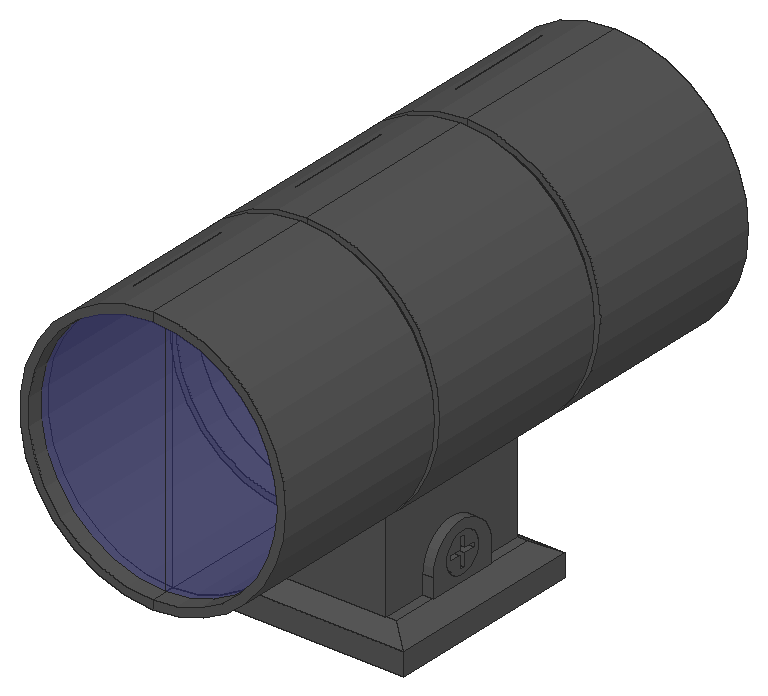
Revit family "CARLO CYLINDER LIGHT WALL MOUNT", category Lighting Fixtures, host Face, Revit 2020 (continued)
Types (10): name | Wattage_Input | Wattage Comments | Wattage | Photometric Web File | built-in parameter 1150142 | Model | built-in parameter 1150105 | Lumens | Light Length 1 | LIGHT RADIUS | LIGHT PLACEMENT | LIGHT LENGTH | LIGHT DIA | built-in parameter 1150106 | FIXED END HEIGHT | Curve base Height | Base Curve | BEAMING ANGLE | Apparent Load
    16142 0.17037 0.18441 0.21083 0.23778 0.26605 0.29512 0.32515 \r\n 0.35534 0.38411 0.41394 0.44808 0.4827 0.51451 0.54524 0.57467 0.60538 0.64132 \r\n 0.67815 0.71226 0.74551 0.77793 0.81146 0.85148 0.89328 0.93348 0.97341 1.012 \r\n 1.0532 1.1017 1.1532 1.2041 1.2577 1.3174 1.3805 1.4453 1.513 1.5839 \r\n 1.6594 1.7404 1.8288 1.9282 2.0346 2.1419 2.2599 2.3978 2.5516 2.7181 \r\n 2.9048 3.1169 3.3573 3.6257 3.936 4.3024 4.7234 5.2044 5.7397 6.3288 \r\n 6.9613 7.6236 8.3246 9.0633 9.8554 10.732 11.646 12.545 13.47 14.438 \r\n 15.465 16.579 17.761 18.982 20.295 21.615 23.326 26.016 28.997 31.629 \r\n 34.356 37.443 40.786 43.771 48.203 54.94 66.213 86.215 109.91 132.89 \r\n 157.47 185.01 213.91 242.82 272.34 303.27 333.7 362.03 388.02 411.34 \r\n 430.69 444.03 453.21 458.82 462.57 466.58 470.29 473.85 477.21 480.3 \r\n 483.35 486.61 489.92 493.25 496.53 499.7 502.77 505.67 508.55 511.52 \r\n 514.63 518 521.62 525.43 529.67 534.55 540.08 546.12 553.22 561.79 \r\n 572.02 584.11 598.37 614.99 634.55 657.39 684.35 715.81 753.44 797.82 \r\n 852.63 924.03 1005.2 1090.7 1182.8 1278.4 1387.4 1520.6 1672 1840.6 \r\n 2022.2 2213.1 2410 2607.7 2807.9 3011 3216 3424.7 3630.4 3826.3 \r\n 4014.7 4196.7 4368.5 4525.7 4671.4 4807.8 4932.9 5046.8 5145.6 5222.8 \r\n 5286.5 5343.6 5392.2 5433.7 5465.3 5484 5492 5491.6 5480.2 5455.7 \r\n 5509.6 \r\n5444.5 5464.3 5456 5441.2 5416.3 5378.9 5326.8 5256.7 5169.6 5065 \r\n 4944.4 4808.5 4658.8 4497.2 4323.1 4135.4 3937.3 3730.3 3519 3309.2 \r\n 3098.7 2887.1 2675.1 2459.5 2251.7 2064.5 1891.5 1730.1 1581.8 1447.5 \r\n 1326.1 1215.8 1118.7 1038.7 968.86 901.82 842.51 794.67 754.5 719.42 \r\n 689.58 664.52 643.43 625.46 610.34 597.72 587.03 577.56 569.36 562.39 \r\n 556.22 550.28 544.9 540.38 536.29 532.37 528.51 524.41 520.34 516.5 \r\n 512.88 509.65 506.52 503.19 499.97 497.17 494.55 491.93 489.42 487.06 \r\n 484.92 483.24 481.54 479.39 476.81 473.46 469.94 468.15 463.92 453.22 \r\n 437.57 416.7 392 364.54 335.05 304.56 273.18 241.1 209.06 177.69 \r\n 147.46 118.31 92.451 72.575 57.114 45.53 37.43 32.754 29.963 27.337 \r\n 25.361 24.101 23.083 21.753 20.426 19.274 18.185 17.094 16.032 15.014 \r\n 14.017 13.019 12.03 11.037 10.09 9.2481 8.4632 7.6906 6.9774 6.3679 \r\n 5.8251 5.3209 4.8735 4.4998 4.1759 3.8848 3.6226 3.3763 3.1551 2.967 \r\n 2.8015 2.6503 2.515 2.3953 2.2878 2.1888 2.0976 2.0121 1.9328 1.861 \r\n 1.7923 1.7208 1.652 1.5909 1.5328 1.4744 1.4165 1.3571 1.3014 1.2566 \r\n 1.2156 1.1724 1.1305 1.0921 1.0543 1.0134 0.97332 0.93883 0.90525 0.86847 \r\n 0.83159 0.79694 0.76266 0.72551 0.69205 0.67116 0.65269 0.6273 0.60154 0.58312 \r\n 0.55931 0.5172 0.46503 0.40535 0.34231 0.27931 0.22103 0.17415 0.13596 0.11988 \r\n 0.11738 0.12549 0.14091 0.1592 0.1809 0.20643 0.23175 0.25887 0.28715 0.31717 \r\n 0.34748 0.37595 0.40522 0.43839 0.47203 0.50335 0.53362 0.56211 0.59199 0.62798 \r\n 0.66472 0.69738 0.72909 0.76102 0.7943 0.83503 0.87787 0.91898 0.96002 1.0002 \r\n 1.043 1.0929 1.1452 1.1952 1.2478 1.3082 1.3716 1.4333 1.4971 1.5654 \r\n 1.6377 1.7134 1.7967 1.8937 1.9978 2.1005 2.2128 2.3446 2.4904 2.645 \r\n 2.8183 3.0178 3.2465 3.5085 3.8082 4.148 4.5382 4.9931 5.5037 6.0704 \r\n 6.6783 7.3047 7.9727 8.6987 9.4797 10.33 11.214 12.091 12.993 13.938 \r\n 14.937 16.014 17.155 18.345 19.613 20.851 22.46 25.04 27.889 30.362 \r\n 32.89 35.687 38.753 41.861 45.904 50.448 59.236 77.944 100.34 120.82 \r\n 143.15 170.09 199.06 228.12 258.12 289.96 321.53 351.02 378.37 403.3 \r\n 424.61 440.81 452.56 459.14 463.15 467.07 470.54 474.15 477.57 480.55 \r\n 483.42 486.48 489.58 492.66 495.73 498.78 501.77 504.62 507.49 510.5 \r\n 513.64 516.88 520.35 524.11 528.31 533.13 538.55 544.45 551.33 559.61 \r\n 569.46 581.07 594.77 610.78 629.62 651.63 677.6 707.84 743.99 785.84 \r\n 839.15 913.33 997.1 1081.2 1168.9 1255.5 1355.2 1483.9 1632.2 1797.5 \r\n 1975.5 2161.7 2354.5 2550.3 2750.3 2955.1 3162.2 3370.5 3575.4 3771 \r\n 3959.6 4143.6 4317.8 4476.5 4624.4 4765 4895.2 5014.4 5118.2 5199.1 \r\n 5265.7 5324.4 5374.7 5418.9 5453.8 5476.4 5488 5489.3 5479.3 5457.6 \r\n 5509.6 \r\n5444.5 5455.2 5442.9 5424.9 5396.6 5354.5 5297.5 5223 5131.9 5023.8 \r\n 4899.8 4760.1 4606.5 4440.7 4262.9 4073.4 3873.9 3663.7 3449.8 3240.2 \r\n 3031.1 2821.3 2611.3 2397.1 2191.5 2008.5 1840.2 1682.6 1538.2 1408.6 \r\n 1291.8 1186 1092.1 1011.5 941.45 879.16 825.29 780.22 741.94 708.56 \r\n 680.16 656.49 636.63 619.64 605.32 593.31 583.09 574.01 566.11 559.29 \r\n 553.25 547.56 542.44 538.08 534.11 530.28 526.47 522.38 518.35 514.68 \r\n 511.24 508.06 504.91 501.46 498.11 495.25 492.63 490.08 487.69 485.45 \r\n 483.45 481.98 480.42 478.25 475.6 472.33 468.79 466.74 461.73 449.05 \r\n 431.25 409.03 383.3 354.96 324.73 293.56 261.75 229.75 198.03 167.04 \r\n 137.31 108.79 83.613 64.106 49.59 41.033 35.831 31.621 28.657 26.451 \r\n 24.861 23.665 22.614 21.288 19.97 18.846 17.791 16.731 15.689 14.664 \r\n 13.658 12.676 11.708 10.726 9.7896 8.9686 8.2069 7.4536 6.7618 6.1838 \r\n 5.6718 5.187 4.7545 4.3946 4.0826 3.8012 3.5489 3.3167 3.1085 2.9275 \r\n 2.7663 2.6178 2.4839 2.3654 2.2587 2.1603 2.0698 1.986 1.9083 1.8366 \r\n 1.768 1.6981 1.6305 1.5679 1.5079 1.4493 1.3916 1.3316 1.2757 1.2313 \r\n 1.1916 1.1515 1.1127 1.0765 1.0398 0.99773 0.9566 0.92353 0.89144 0.85394 \r\n 0.81604 0.78166 0.74775 0.70957 0.67605 0.65975 0.64491 0.61532 0.58492 0.56975 \r\n 0.54734 0.49275 0.42944 0.37702 0.32212 0.25066 0.18448 0.14675 0.11943 0.097033 \r\n 0.086864 0.097696 0.11965 0.14756 0.17603 0.20098 0.22489 0.25082 0.27816 0.30806 \r\n 0.3384 0.36648 0.39514 0.42737 0.46007 0.49083 0.52058 0.54827 0.57744 0.61333 \r\n 0.64979 0.68102 0.71126 0.74278 0.77584 0.81678 0.86011 0.90181 0.9438 0.9858 \r\n 1.0303 1.0813 1.1341 1.1833 1.2351 1.2961 1.3593 1.4181 1.4783 1.5438 \r\n 1.6132 1.6839 1.7623 1.8565 1.9577 2.0561 2.163 2.2886 2.4265 2.5697 \r\n 2.7306 2.9181 3.1355 3.3905 3.6791 3.993 4.3529 4.7801 5.2643 5.8091 \r\n 6.3934 6.985 7.6209 8.3347 9.1045 9.927 10.781 11.636 12.517 13.437 \r\n 14.408 15.446 16.546 17.705 18.93 20.089 21.594 24.042 26.746 29.089 \r\n 31.454 33.974 36.776 40.01 43.737 46.446 53.005 70.082 90.772 108.77 \r\n 128.94 155.19 184.11 213.29 243.71 276.32 308.87 339.4 368 394.44 \r\n 417.67 436.7 451.09 458.96 463.56 467.51 470.79 474.42 477.85 480.74 \r\n 483.46 486.32 489.2 492.06 494.92 497.85 500.77 503.58 506.44 509.5 \r\n 512.66 515.78 519.11 522.81 526.97 531.7 537.01 542.74 549.4 557.36 \r\n 566.8 577.89 590.97 606.3 624.36 645.49 670.38 699.32 733.86 773.17 \r\n 824.7 900.67 985.92 1068 1151.1 1229.4 1320.8 1444.9 1589.7 1751.1 \r\n 1925.1 2106.4 2295.1 2489.2 2688.9 2895.4 3104.1 3311.7 3515.6 3711.1 \r\n 3900.5 4086.4 4263.1 4423.6 4573.7 4718.5 4853.7 4978.3 5087.3 5172.5 \r\n 5242.6 5303.7 5355.9 5403 5441.1 5467.6 5482.9 5486.1 5478 5459.2 \r\n 5509.6 \r\n5444.5 5446.1 5429.2 5407 5374.4 5326.8 5264 5184 5087.6 4974.5 \r\n 4845.9 4702.4 4544.9 4374.1 4191.6 3999.1 3797.2 3584.7 3369.1 3159.1 \r\n 2950.6 2742.3 2534.6 2323.7 2122.1 1943.6 1780.3 1627.6 1488.8 1367.1 \r\n 1258 1157.6 1067.1 985.75 914.82 856.4 807.16 764.7 728.41 696.93 \r\n 670.18 647.93 629.26 613.27 599.74 588.33 578.6 570.06 562.61 556.04 \r\n 550.22 544.92 540.17 536.04 532.23 528.52 524.82 520.83 516.92 513.4 \r\n 510.09 506.93 503.75 500.2 496.75 493.82 491.15 488.59 486.18 483.92 \r\n 481.84 480.18 478.42 476.12 473.35 470.13 466.22 462.62 455.59 440.78 \r\n 420.99 397.32 370.51 341.46 310.74 279.03 246.91 215.03 183.91 154.33 \r\n 126.18 98.709 74.626 56.695 43.986 37.599 34.214 30.492 27.593 25.731 \r\n 24.41 23.228 22.119 20.817 19.532 18.427 17.386 16.344 15.315 14.288 \r\n 13.279 12.309 11.359 10.399 9.4848 8.6811 7.9378 7.2095 6.5452 5.9948 \r\n 5.5095 5.0497 4.6383 4.2915 3.99 3.7207 3.4806 3.2621 3.0663 2.8938 \r\n 2.7387 2.5948 2.4643 2.3484 2.2437 2.1475 2.0588 1.976 1.8989 1.8274 \r\n 1.7589 1.6903 1.6238 1.5605 1.4997 1.4413 1.3843 1.3256 1.2703 1.2242 \r\n 1.1828 1.1443 1.1074 1.071 1.0335 0.99078 0.949 0.91507 0.88224 0.84461 \r\n 0.80661 0.77175 0.73773 0.70097 0.66881 0.65234 0.63661 0.60588 0.57353 0.55492 \r\n 0.5284 0.46876 0.40199 0.35164 0.29989 0.22812 0.16231 0.13024 0.10798 0.078942 \r\n 0.061176 0.071955 0.097064 0.13327 0.16491 0.18958 0.21215 0.23687 0.26314 0.29269 \r\n 0.32277 0.35009 0.37796 0.4097 0.44192 0.47189 0.50088 0.52812 0.55691 0.59233 \r\n 0.62823 0.65863 0.68807 0.71919 0.75173 0.79142 0.83352 0.87455 0.91654 0.96009 \r\n 1.006 1.0565 1.1083 1.1575 1.2093 1.27 1.3324 1.3896 1.4478 1.5116 \r\n 1.579 1.6472 1.7226 1.8137 1.9117 2.0073 2.1109 2.2315 2.3635 2.5 \r\n 2.6534 2.8325 3.0406 3.2868 3.5636 3.859 4.1962 4.596 5.0537 5.5814 \r\n 6.1493 6.7159 7.3286 8.0333 8.7932 9.5882 10.414 11.256 12.126 13.025 \r\n 13.969 14.975 16.043 17.181 18.378 19.491 20.922 23.229 25.802 28.135 \r\n 30.478 32.835 35.434 38.623 42.05 43.844 48.909 63.546 81.69 97.819 \r\n 116.61 142.06 170.66 199.97 230.73 263.56 296.46 327.62 357.13 384.82 \r\n 409.7 431.12 447.94 457.74 463.67 467.86 470.93 474.41 477.69 480.56 \r\n 483.26 485.99 488.71 491.43 494.19 497.04 499.92 502.74 505.62 508.7 \r\n 511.86 514.93 518.19 521.84 525.92 530.56 535.74 541.3 547.73 555.4 \r\n 564.47 575.12 587.67 602.38 619.72 640.05 664 691.8 724.94 762.42 \r\n 811.9 885.86 968.87 1048.1 1128.1 1203 1290.7 1411.5 1552.9 1710.5 \r\n 1880.7 2058.2 2243.8 2437.4 2637.4 2843.8 3052.2 3258.2 3460.8 3656.9 \r\n 3847.6 4035.3 4213.9 4375.8 4527.6 4674.9 4813.2 4941.9 5055.5 5145.7 \r\n 5220.4 5284.2 5338.6 5387.8 5428.2 5457.7 5476 5481.5 5475.7 5459.8 \r\n 5509.6 \r\n5444.5 5437 5415.1 5387.9 5350 5296.3 5227 5140.4 5037.4 4917.7 \r\n 4783.2 4635.8 4474.6 4298.1 4109.8 3913 3708 3494 3277.7 3066.7 \r\n 2857.9 2650.5 2445.5 2239.6 2043.8 1870.1 1711.9 1565.2 1433.8 1322.9 \r\n 1224.2 1130.2 1043.2 961.2 889.15 833.65 788.14 748.1 713.91 684.55 \r\n 659.67 638.87 621.37 606.36 593.64 582.82 573.62 565.75 558.92 552.72 \r\n 547.23 542.41 538.13 534.29 530.69 527.14 523.57 519.79 516.07 512.67 \r\n 509.42 506.26 503.04 499.42 495.88 492.9 490.16 487.49 484.93 482.49 \r\n 480.13 477.89 475.57 473.04 470.09 466.83 462.17 455.78 445.54 428.51 \r\n 406.92 381.72 353.78 324.22 293.25 261.15 228.87 197.16 166.91 139.71 \r\n 114.19 88.21 65.661 50.491 40.405 35.256 32.542 29.335 26.764 25.162 \r\n 23.985 22.773 21.599 20.34 19.112 18.015 16.971 15.932 14.908 13.885 \r\n 12.883 11.92 10.984 10.056 9.1755 8.3857 7.6558 6.9584 6.3272 5.7998 \r\n 5.3369 4.9076 4.5237 4.1899 3.8976 3.6428 3.4174 3.2119 3.0276 2.8646 \r\n 2.7176 2.5804 2.4553 2.3435 2.2421 2.1497 2.064 1.9817 1.9043 1.8328 \r\n 1.7647 1.6971 1.6314 1.5684 1.5079 1.4503 1.3944 1.3386 1.2849 1.2348 \r\n 1.1891 1.1504 1.1139 1.0753 1.0353 0.99247 0.95032 0.91317 0.87735 0.84023 \r\n 0.80306 0.76699 0.73241 0.69942 0.66996 0.64856 0.62746 0.59878 0.56734 0.53878 \r\n 0.50283 0.44591 0.38359 0.32989 0.27599 0.21221 0.15515 0.12488 0.10133 0.065996 \r\n 0.04112 0.048035 0.071907 0.11074 0.14735 0.17214 0.1936 0.2172 0.24233 0.27126 \r\n 0.30074 0.32698 0.3539 0.38562 0.41782 0.44683 0.47483 0.50197 0.5307 0.5653 \r\n 0.60036 0.6306 0.65997 0.69065 0.7226 0.75964 0.79889 0.83802 0.87907 0.92381 \r\n 0.97076 1.019 1.0686 1.1184 1.1711 1.2306 1.2916 1.3485 1.4066 1.4697 \r\n 1.5363 1.6044 1.679 1.7666 1.861 1.9555 2.0579 2.175 2.3032 2.4378 \r\n 2.5888 2.7631 2.9641 3.1995 3.464 3.7486 4.0714 4.445 4.8769 5.3922 \r\n 5.9506 6.5025 7.1014 7.7998 8.5505 9.3192 10.12 10.959 11.827 12.707 \r\n 13.627 14.61 15.657 16.784 17.969 19.071 20.461 22.622 25.083 27.518 \r\n 29.974 32.293 34.762 37.727 40.859 42.652 46.978 58.467 73.329 88.246 \r\n 106.43 130.99 158.96 188.34 219.29 251.78 284.4 315.74 345.81 374.44 \r\n 400.68 423.97 442.93 455.25 463.24 467.93 470.86 474.07 477.04 479.98 \r\n 482.81 485.48 488.12 490.81 493.56 496.39 499.26 502.13 505.05 508.12 \r\n 511.26 514.35 517.62 521.2 525.19 529.73 534.77 540.16 546.37 553.79 \r\n 562.55 572.82 584.93 599.07 615.77 635.43 658.59 685.44 717.38 753.8 \r\n 801.01 869.18 946.17 1022.1 1100.5 1176.6 1265.6 1384.4 1522.6 1676.6 \r\n 1843.2 2017.8 2201.7 2395.8 2596.4 2801 3006.9 3210.5 3411.5 3608.7 \r\n 3801.5 3990.7 4170.6 4333.6 4486.5 4634.6 4774.3 4905.6 5022.9 5118.6 \r\n 5198.8 5266 5322.7 5373.3 5414.9 5446.5 5467.2 5475.4 5472.4 5459.3 \r\n 5509.6 \r\n5444.5 5428.3 5401.3 5369 5325.6 5265.7 5189.8 5096.5 4986.8 4860.6 \r\n 4720.3 4569.1 4404.1 4221.9 4028.1 3826.9 3618.8 3403.9 3187.6 2975.5 \r\n 2766.2 2559.7 2357.2 2156.6 1967 1798.2 1645 1504.2 1380.1 1280 \r\n 1191.6 1103.9 1020.4 938.05 865.14 812.2 769.93 732.16 699.99 672.67 \r\n 649.61 630.15 613.74 599.66 587.7 577.45 568.77 561.56 555.34 549.53 \r\n 544.38 540.05 536.22 532.66 529.27 525.87 522.45 518.9 515.39 512.09 \r\n 508.87 505.69 502.42 498.76 495.18 492.14 489.31 486.52 483.78 481.11 \r\n 478.41 475.53 472.56 469.76 466.54 463.03 457.35 447.79 434.05 414.81 \r\n 391.52 364.86 335.88 305.92 274.82 242.45 210.13 178.71 149.47 124.88 \r\n 102.27 78.081 57.343 45.147 37.728 33.449 31.006 28.275 26.074 24.682 \r\n 23.594 22.335 21.089 19.878 18.711 17.617 16.564 15.525 14.504 13.488 \r\n 12.494 11.537 10.614 9.7209 8.8758 8.0992 7.3819 6.7162 6.1184 5.6116 \r\n 5.1683 4.7692 4.4132 4.0918 3.8084 3.5676 3.3565 3.163 2.9893 2.8357 \r\n 2.6967 2.5666 2.4473 2.3395 2.2415 2.1533 2.0707 1.9887 1.9107 1.8395 \r\n 1.7718 1.705 1.6403 1.5778 1.5178 1.4609 1.4062 1.3535 1.3016 1.2473 \r\n 1.1967 1.1574 1.1207 1.0791 1.0364 0.99357 0.95129 0.91055 0.87138 0.83496 \r\n 0.79888 0.76153 0.72628 0.69737 0.67067 0.64323 0.61573 0.58961 0.55965 0.52001 \r\n 0.47391 0.42185 0.36615 0.30826 0.25134 0.19766 0.15132 0.12168 0.095262 0.055584 \r\n 0.024337 0.025603 0.045977 0.086668 0.12792 0.15341 0.17449 0.19721 0.22121 0.2493 \r\n 0.27795 0.30309 0.32913 0.3609 0.39315 0.42122 0.44828 0.47544 0.50419 0.53785 \r\n 0.57199 0.60222 0.63168 0.662 0.69335 0.72781 0.7642 0.80133 0.84129 0.88707 \r\n 0.93482 0.98058 1.0277 1.0783 1.1321 1.1902 1.2497 1.3066 1.3649 1.4276 \r\n 1.4937 1.5624 1.6367 1.7208 1.8114 1.9051 2.0067 2.1207 2.2456 2.3796 \r\n 2.5292 2.6996 2.894 3.118 3.3698 3.6457 3.9566 4.3054 4.7123 5.215 \r\n 5.7642 6.3042 6.8916 7.5825 8.3226 9.0663 9.844 10.681 11.548 12.411 \r\n 13.31 14.272 15.301 16.417 17.592 18.692 20.051 22.061 24.405 26.95 \r\n 29.539 31.865 34.25 36.971 39.857 41.982 45.882 54.193 65.688 79.501 \r\n 97.18 120.76 147.92 177.13 208.02 239.95 272.09 303.42 333.85 363.27 \r\n 390.7 415.61 436.57 451.58 461.93 467.45 470.51 473.52 476.21 479.26 \r\n 482.25 484.91 487.49 490.19 492.96 495.79 498.67 501.58 504.55 507.59 \r\n 510.7 513.83 517.12 520.64 524.52 528.95 533.85 539.06 545.06 552.21 \r\n 560.64 570.54 582.19 595.75 611.78 630.74 653.07 678.94 709.68 745.15 \r\n 789.94 851.26 921.18 993.28 1070.3 1149 1240.5 1357.2 1491.6 1641.5 \r\n 1804.3 1976 2158.1 2352.6 2553.5 2755.8 2958.6 3159.6 3359 3557.6 \r\n 3752.6 3943.2 4124.5 4288.9 4443.1 4591.8 4732.5 4866.2 4987.1 5088.6 \r\n 5174.7 5245.8 5305.5 5357.7 5400.6 5434.1 5457.2 5468.4 5468.6 5458.3 \r\n 5509.6 \r\n5444.5 5420 5388.1 5350.8 5302 5235.8 5153.5 5053.8 4937.8 4805.4 \r\n 4659.5 4504.4 4335.8 4148.4 3949.3 3744 3533 3318 3102.1 2889.2 \r\n 2679.4 2473.4 2273 2077.8 1894.3 1730.2 1581.8 1446.7 1329.5 1239.1 \r\n 1160.1 1078.3 998.32 916.22 843.08 792.43 752.95 717.28 687.02 661.61 \r\n 640.23 622.01 606.58 593.37 582.13 572.42 564.24 557.64 552 546.57 \r\n 541.75 537.87 534.46 531.14 527.93 524.68 521.41 518.09 514.78 511.56 \r\n 508.35 505.14 501.83 498.16 494.56 491.47 488.57 485.65 482.73 479.82 \r\n 476.75 473.2 469.57 466.47 462.89 458.85 451.88 439 421.72 400.32 \r\n 375.46 347.47 317.58 287.31 256.18 223.67 191.44 160.43 132.31 110.36 \r\n 90.711 68.615 49.947 40.698 35.775 32.07 29.62 27.316 25.497 24.265 \r\n 23.221 21.909 20.598 19.433 18.326 17.235 16.169 15.128 14.108 13.101 \r\n 12.119 11.169 10.258 9.3991 8.589 7.8257 7.1211 6.4863 5.9208 5.4322 \r\n 5.0061 4.6355 4.3063 3.9973 3.7226 3.495 3.297 3.1142 2.9501 2.8052 \r\n 2.674 2.5508 2.4373 2.3333 2.2385 2.1543 2.075 1.9933 1.9147 1.8439 \r\n 1.7768 1.7108 1.6469 1.585 1.5256 1.4694 1.4158 1.3661 1.3158 1.2578 \r\n 1.2025 1.1622 1.1247 1.0799 1.0343 0.99165 0.94947 0.90527 0.86287 0.82727 \r\n 0.79241 0.75385 0.71792 0.69285 0.66862 0.63485 0.60076 0.57721 0.54888 0.49842 \r\n 0.44268 0.39658 0.3485 0.28645 0.22645 0.18365 0.14863 0.11878 0.088775 0.045972 \r\n 0.0109 0.0060592 0.021325 0.062655 0.10756 0.1344 0.15609 0.17828 0.20123 0.22825 \r\n 0.2558 0.27994 0.30
    525 0.33704 0.36933 0.39657 0.42281 0.45004 0.47882 0.51151 \r\n 0.5447 0.57498 0.60463 0.63466 0.66544 0.69819 0.7319 0.76722 0.80611 0.85273 \r\n 0.90109 0.94441 0.98915 1.0406 1.0954 1.1522 1.2102 1.2672 1.326 1.3884 \r\n 1.4543 1.5237 1.598 1.6785 1.7652 1.8581 1.9591 2.0703 2.1924 2.326 \r\n 2.4746 2.6414 2.8292 3.0415 3.2806 3.5488 3.8493 4.1753 4.5586 5.0476 \r\n 5.5862 6.1156 6.6925 7.3735 8.1009 8.8213 9.5781 10.412 11.277 12.126 \r\n 13.006 13.95 14.961 16.065 17.229 18.335 19.668 21.526 23.748 26.38 \r\n 29.091 31.459 33.806 36.294 38.986 41.635 45.337 50.677 58.949 71.664 \r\n 88.767 111.29 137.48 166.2 196.68 227.92 259.48 290.63 321.25 351.29 \r\n 379.75 406.03 428.83 446.59 459.5 466.21 469.76 472.74 475.24 478.43 \r\n 481.6 484.28 486.85 489.59 492.39 495.24 498.13 501.08 504.07 507.08 \r\n 510.15 513.33 516.66 520.11 523.88 528.18 532.94 537.98 543.76 550.62 \r\n 558.71 568.21 579.37 592.32 607.65 625.85 647.3 672.13 701.61 736.13 \r\n 778.41 832.46 894.84 962.84 1038.3 1120.2 1214.7 1328.8 1458.8 1604.2 \r\n 1762.7 1931.3 2111.4 2305.7 2506.3 2705.8 2905.5 3103.9 3302 3501.8 \r\n 3698.9 3890.9 4073.7 4240 4396 4545.5 4687.3 4823.2 4947.5 5054.9 \r\n 5147.1 5222.9 5286.1 5340.4 5384.9 5420.5 5445.9 5460.4 5464.1 5457 \r\n 5509.6 \r\n5444.5 5412.5 5376 5333.8 5279.8 5207.8 5119.3 5013.7 4892 4754.1 \r\n 4603.2 4444.3 4272 4080 3876.5 3667.5 3454.2 3239.4 3024.5 2811.1 \r\n 2600.9 2395.2 2196.3 2005.9 1828.2 1668.6 1524.8 1394.9 1283.6 1201.1 \r\n 1129.6 1053 976.47 895.65 823.26 774.73 737.57 703.84 675.37 651.67 \r\n 631.79 614.65 600.09 587.68 577.11 567.92 560.21 554.15 549.01 543.94 \r\n 539.45 535.94 532.85 529.73 526.65 523.54 520.42 517.3 514.16 511 \r\n 507.78 504.53 501.17 497.53 493.95 490.84 487.87 484.85 481.77 478.63 \r\n 475.19 471.06 466.8 463.38 459.33 454.42 445.85 429.76 409.14 385.73 \r\n 359.43 330.27 299.64 269.14 238.06 205.53 173.53 143.08 116.15 96.656 \r\n 79.821 60.1 43.747 37.177 34.369 31.011 28.401 26.465 25.005 23.885 \r\n 22.851 21.493 20.133 19.011 17.958 16.867 15.79 14.747 13.729 12.733 \r\n 11.765 10.822 9.9238 9.096 8.3183 7.5691 6.8779 6.2726 5.7367 5.2639 \r\n 4.8525 4.5074 4.2027 3.9062 3.6406 3.4247 3.2379 3.0643 2.9084 2.7713 \r\n 2.6472 2.5305 2.4223 2.3217 2.2296 2.1493 2.0729 1.9916 1.9127 1.8424 \r\n 1.7762 1.711 1.6479 1.5866 1.5279 1.4723 1.4196 1.3721 1.3232 1.2623 \r\n 1.2033 1.1615 1.1227 1.0749 1.0267 0.98431 0.94241 0.89538 0.85034 0.8156 \r\n 0.78195 0.74243 0.7059 0.68391 0.66148 0.62196 0.58192 0.56041 0.53343 0.47381 \r\n 0.41016 0.37009 0.32947 0.26416 0.20182 0.16937 0.14487 0.1143 0.080845 0.036916 \r\n 0.0008805 0 0 0.040327 0.087212 0.11614 0.13969 0.1618 0.18385 0.20954 \r\n 0.23572 0.25903 0.28386 0.31556 0.34777 0.37439 0.40001 0.4273 0.45607 0.48782 \r\n 0.52009 0.55041 0.58024 0.61005 0.64035 0.67214 0.70443 0.73846 0.77647 0.82368 \r\n 0.8724 0.91367 0.95644 1.0086 1.0643 1.1199 1.1765 1.2336 1.2926 1.3549 \r\n 1.4207 1.4908 1.5648 1.6419 1.7249 1.8167 1.9169 2.0254 2.1449 2.2777 \r\n 2.4249 2.5877 2.7688 2.9693 3.1956 3.4563 3.747 4.053 4.4148 4.8876 \r\n 5.4126 5.9312 6.4975 7.165 7.8766 8.5762 9.3145 10.142 11.003 11.84 \r\n 12.706 13.633 14.627 15.714 16.864 17.978 19.287 20.998 23.089 25.755 \r\n 28.546 30.98 33.339 35.635 38.191 41.414 45.06 47.867 53.295 64.817 \r\n 81.119 102.51 127.59 155.38 185.04 215.51 246.49 277.33 307.98 338.51 \r\n 367.83 395.25 419.69 440.13 455.69 464.01 468.53 471.73 474.16 477.53 \r\n 480.87 483.6 486.21 489.01 491.86 494.74 497.64 500.6 503.58 506.55 \r\n 509.59 512.82 516.18 519.57 523.23 527.4 531.99 536.87 542.43 548.99 \r\n 556.71 565.77 576.41 588.7 603.26 620.62 641.11 664.82 692.95 726.41 \r\n 766.14 813.11 868.11 931.84 1005.6 1090.5 1187.6 1298.3 1423 1563.3 \r\n 1717.1 1882.3 2059.7 2252.9 2452.4 2649 2845.6 3041.8 3238.8 3439.7 \r\n 3638.6 3832 4016.4 4185.4 4343.9 4494.8 4638 4776 4903.8 5016.9 \r\n 5115.3 5196.4 5263.9 5321 5367.7 5405.5 5433.5 5451.5 5459.1 5455.6 \r\n 5509.6 \r\n" | "CCL6-13-35SPSW8-PC-25-WM-BK" | 230.77 (stored number, unit not read) | 2900 lm | 0' - 4.33333" | 0' - 3" | 0' - 5 53/128" | 1' - 1" | 0' - 6" | 2.3077 (stored number, unit not read) | 0' - 8 53/128" | 0' - 2 27/32" | 0' - 2 179/256" | 25.00° | 43.75 VA
